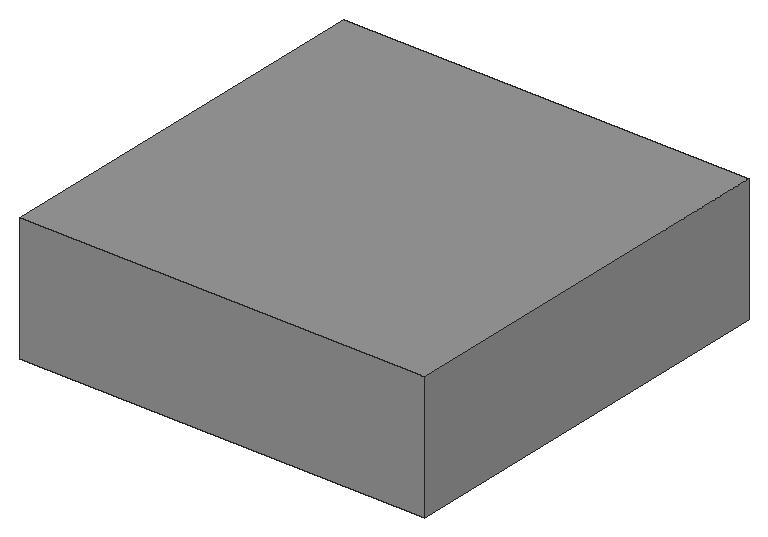
Revit family "ACC-MNT-11", category Security Devices, host Face, Revit 2019
Family settings
  Host = Face
  Maintain Annotation Orientation = Yes
  Round Connector Dimension = Use Diameter
  Part Type = Normal
  Cut with Voids When Loaded = No
  Shared = No
  Room Calculation Point = No
Parameters
  Width = 128.00 mm
  URL = "https://docs.verkada.com/docs/accessories-overview.pdf"
  Type Image = <None>
  Model = "ACC-MNT-5"
  Manufacturer = "VERKADA"  # constant formula
  Height = 128.00 mm
  Description = "SQUARE JUNCTION BOX"
  Depth = 40.00 mm
  Default Elevation = 2438.40 mm  # constant formula
Reference planes
  plane 1 "Center (Front/Back)": y = 0
  plane 2: z = 0
  plane 3 "Center (Left/Right)": x = 0
  plane 4: y = 64
  plane 5: x = -64
  plane 6: y = -64
  plane 7: x = 64
  plane 8: z = 40
Forms (mm)
  Extrusion 1, solid, material "Verkada White"
    sketch origin (0, 0, 0) x (1, 0, 0) y (0, 1, 0)
      loop
        line (-64, 64) -> (-64, -64) -> (64, -64) -> (64, 64) -> (-64, 64)
    from 0 to 40
Dimensions and locks
  equal spacing: plane 5, plane 3 "Center (Left/Right)", plane 7
  "Width": plane 5 to plane 7
  equal spacing: plane 6, plane 1 "Center (Front/Back)", plane 4
  "Height": plane 6 to plane 4
  "Depth": plane 8 to host face
  aligned and locked: plane 2 to host face
  aligned and locked: level to host face
  aligned and locked: plane 4 to Extrusion 1 sketch curve
  aligned and locked: plane 5 to Extrusion 1 sketch curve
  aligned and locked: Extrusion 1 sketch curve to plane 6
  aligned and locked: Extrusion 1 sketch curve to plane 7
  aligned and locked: Extrusion 1 to plane 8
Automatic sketch dimensions
  host sketch curve to host sketch curve = 2438.40 mm  (x2)
